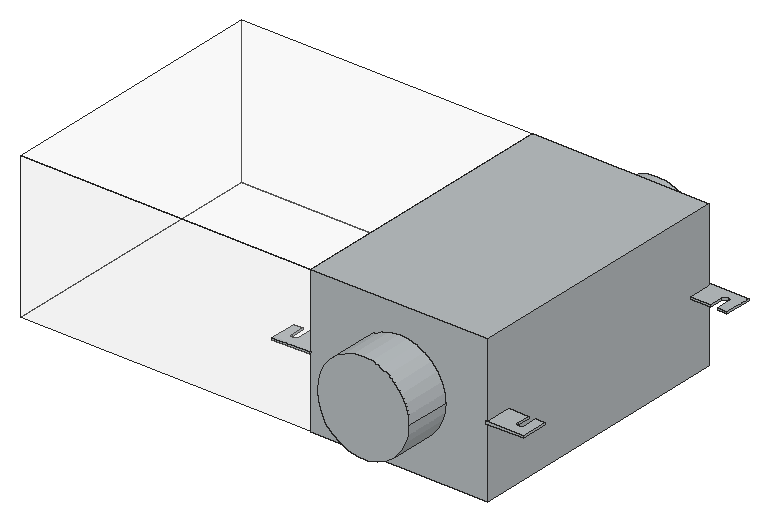
Revit family "6_天吊埋込タイプ 消音形 単相100V_3相200V", category 機械設備, Revit 2019
Family settings
  丸型コネクタ寸法 = 直径を使用
  パーツ タイプ = 割り込み
  OmniClass 番号 = 23.75.35.17.27
  OmniClass タイトル = Centrifugal Fans
  作業面ベース = いいえ
  常に垂直 = はい
  ロード時にボイドで切り取り = いいえ
  共有 = いいえ
  部屋計算ポイント = はい
Parameters (values of type "BFS-30SUG")
  騒音レベル(dB(A))_吸込 = 25.5
  騒音レベル(dB(A))_吐出 = 40
  騒音レベル(dB(A))_側面 = 18.5
  騒音レベル(dB(A)) = 40
  風量 [instance] = 設計風量  # 0.0 m³/h
  電源種別 [instance] = "一般"
  電圧 = 100 V
  電動機出力 = 16 W
  電動機_種別 [instance] = ""
  運転質量 = 0.00 kg
  連動 [instance] = ""
  質量 = if(製品質量 > 運転質量, 製品質量, 運転質量) * 1.2  # 9.00 kg
  負荷分類 = 3_ファン類
  説明 = "ストレートシロッコファン天吊埋込タイプ（消音形）"
  設計風量 [instance] = 0.0 m³/h
  設置方法 = "天吊"
  記号 [instance] = ""
  製造元 = "三菱電機株式会社"
  製品質量 = 7.50 kg
  製品出荷対象 = "国内"
  製品リリース年月 = "2018年4月23日"
  製品グループ = ""
  系統 [instance] = ""
  符号 [instance] = if(☑給気／□排気, "FS", "FE")  # "FE"
  積算_科目 = "2 換気設備"
  積算_拾い区分 [instance] = ""
  相 = 1
  盤記号 [instance] = ""
  盤工事区分 = "電気工事"
  発停方法 [instance] = "別売スイッチ"
  番手 = "#1"
  特殊仕様 [instance] = ""
  火災停止 = ""
  消費電力 = 38 W
  法定耐用年数 = "15"
  機外静圧 [instance] = 0.0 Pa
  極数 = 2
  極 = 4
  材質 [instance] = ""
  本体マテリアル = 溶融亜鉛めっき鋼板
  操作・制御方式 = ""
  操作・制御スイッチ = ""
  排気量 [instance] = if(☑給気／□排気, 0.0 m³/h, 設計風量)  # 0.0 m³/h
  形式 = ""
  形名 = BFS-SUG : BFS-30SUG
  幹線記号 [instance] = ""
  対象室 [instance] = ""
  実風量 = 0.0 m³/h
  始動方式 [instance] = "直入"
  外気量 [instance] = if(☑給気／□排気, 設計風量, 0.0 m³/h)  # 0.0 m³/h
  呼称 = "消音ボックス付送風機"
  周波数 = 50 Hz
  天吊金具ピッチ幅 = 349 mm
  天吊金具ピッチ奥行 = 393 mm
  参照している仕様書等のバージョン = "公共建築工事標準仕様書（機械設備工事編）平成31年度版"
  分類コード = "50052502100020"
  分類グループ = ""
  価格 = 60500
  企業コード = "108420"
  付属品_防振装置 = ""
  付属品 [instance] = ""
  仕様書バージョン = "Version1.0"
  モデル = "BFS-30SUG"
  ファンの種類 = "多翼形"
  ダクト径 = 150 mm
  サービススペース = yes
  コメント [instance] = ""
  Keynote = ""
  ☑給気／□排気 [instance] = no
  Width = 273 mm
  Version = ""
  Uniclass2015Version = "Systems v1.9"
  Uniclass2015Title = "Centrifugal fans"
  Uniclass2015Code = "Pr_65_67_29_12"
  URL = "https://www.mitsubishielectric.co.jp/ldg/wink/ssl/displayProduct.do?pid=292984"
  SpecificationReference = ""
  SpecificationDescription = ""
  Revision = ""
  ProductInformation = ""
  OmniClassCode = "23-33 31 19 13 15"
  MIN風量 = 204.0 m³/h
  MIN静圧 = 18.0 Pa
  MID風量 = 0.0 m³/h
  MID静圧 = 0.0 Pa
  MAX風量 = 300.0 m³/h
  MAX静圧 = 39.0 Pa
  M = 70 mm
  IfcTypeProduct = ""
  IfcProduct = ""
  IfcExportType = "CENTRIFUGALFORWARDCURVED"
  IfcExportAs = "IfcFanType"
  Height = 225 mm
  Depth = 428 mm
  Clearance Top = 0 mm  # constant formula
  Clearance Right = 0 mm  # constant formula
  Clearance Left = 450 mm  # constant formula
  Clearance Front = 0 mm  # constant formula
  Clearance Bottom = 0 mm  # constant formula
  Clearance Back = 0 mm  # constant formula
  Author = "三菱電機株式会社"
Types (18, lengths in mm): name | 騒音レベル(dB(A))_吸込 | 騒音レベル(dB(A))_吐出 | 騒音レベル(dB(A))_側面 | 騒音レベル(dB(A)) | 電圧 | 電動機出力 | 質量 | 製品質量 | 製品リリース年月 | 相 | 番手 | 消費電力 | 極数 | 形名 | 天吊金具ピッチ幅 | 天吊金具ピッチ奥行 | 価格 | モデル | ダクト径 | Width | URL | MIN風量 | MIN静圧 | MAX風量 | MAX静圧 | M | Height | Depth
  BFS-15SUG | 20.5 | 32 | 17.5 | 32 | 100 V | 8 W | 8.40 kg | 7.00 kg | "2018年4月23日" | 1 | "#1" | 20.5 W | 2 | BFS-SUG : BFS-15SUG | 349 | 325 | 43500 | "BFS-15SUG" | 100 | 273 | "https://www.mitsubishielectric.co.jp/ldg/wink/ssl/displayProduct.do?pid=292978" | 110.0 m³/h | 20.0 Pa | 150.0 m³/h | 39.0 Pa | 60 | 225 | 360
  BFS-30SUG | 25.5 | 40 | 18.5 | 40 | 100 V | 16 W | 9.00 kg | 7.50 kg | "2018年4月23日" | 1 | "#1" | 38 W | 2 | BFS-SUG : BFS-30SUG | 349 | 393 | 60500 | "BFS-30SUG" | 150 | 273 | "https://www.mitsubishielectric.co.jp/ldg/wink/ssl/displayProduct.do?pid=292984" | 204.0 m³/h | 18.0 Pa | 300.0 m³/h | 39.0 Pa | 70 | 225 | 428
  BFS-40SUG | 26 | 43 | 19.5 | 43 | 100 V | 25 W | 11.40 kg | 9.50 kg | "2018年4月23日" | 1 | "#1 1/4" | 57 W | 2 | BFS-SUG : BFS-40SUG | 381 | 419 | 72400 | "BFS-40SUG" | 150 | 305 | "https://www.mitsubishielectric.co.jp/ldg/wink/ssl/displayProduct.do?pid=292986" | 289.0 m³/h | 31.0 Pa | 400.0 m³/h | 59.0 Pa | 70 | 255 | 454
  BFS-50SUG | 28.5 | 48 | 21.5 | 48 | 100 V | 45 W | 15.60 kg | 13.00 kg | "2018年4月23日" | 1 | "#1 1/4" | 74.5 W | 2 | BFS-SUG : BFS-50SUG | 451 | 538 | 10200 | "BFS-50SUG" | 200 | 375 | "https://www.mitsubishielectric.co.jp/ldg/wink/ssl/displayProduct.do?pid=292988" | 425.0 m³/h | 80.0 Pa | 500.0 m³/h | 110.0 Pa | 85 | 255 | 573
  BFS-65SUG | 28 | 51 | 23 | 51 | 100 V | 65 W | 19.20 kg | 16.00 kg | "2018年4月23日" | 1 | "#1 1/4" | 106 W | 2 | BFS-SUG : BFS-65SUG | 499 | 603 | 107000 | "BFS-65SUG" | 200 | 423 | "https://www.mitsubishielectric.co.jp/ldg/wink/ssl/displayProduct.do?pid=292990" | 534.0 m³/h | 79.0 Pa | 650.0 m³/h | 118.0 Pa | 85 | 305 | 638
  BFS-80SUG | 30.5 | 52 | 25 | 52 | 100 V | 80 W | 19.80 kg | 16.50 kg | "2018年4月23日" | 1 | "#1 1/4" | 136 W | 2 | BFS-SUG : BFS-80SUG | 499 | 603 | 114000 | "BFS-80SUG" | 200 | 423 | "https://www.mitsubishielectric.co.jp/ldg/wink/ssl/displayProduct.do?pid=292992" | 638.0 m³/h | 70.0 Pa | 800.0 m³/h | 108.0 Pa | 85 | 305 | 638
  BFS-90SUG | 33 | 55 | 27 | 55 | 100 V | 110 W | 22.20 kg | 18.50 kg | "2018年4月23日" | 1 | "#1 1/2" | 161 W | 2 | BFS-SUG : BFS-90SUG | 519 | 603 | 119000 | "BFS-90SUG" | 200 | 443 | "https://www.mitsubishielectric.co.jp/ldg/wink/ssl/displayProduct.do?pid=292996" | 745.0 m³/h | 94.0 Pa | 900.0 m³/h | 137.0 Pa | 85 | 305 | 638
  BFS-100SUG | 36 | 57 | 28.5 | 57 | 100 V | 160 W | 22.80 kg | 19.00 kg | "2018年4月23日" | 1 | "#1 1/2" | 198 W | 2 | BFS-SUG : BFS-100SUG | 519 | 603 | 128000 | "BFS-100SUG" | 200 | 443 | "https://www.mitsubishielectric.co.jp/ldg/wink/ssl/displayProduct.do?pid=292966" | 925.0 m³/h | 135.0 Pa | 1000.0 m³/h | 157.0 Pa | 85 | 305 | 638
  BFS-120SUG | 40 | 58 | 31 | 58 | 100 V | 200 W | 26.40 kg | 22.00 kg | "2018年4月23日" | 1 | "#1 1/2" | 272 W | 2 | BFS-SUG : BFS-120SUG | 531 | 633 | 140800 | "BFS-120SUG" | 250 | 455 | "https://www.mitsubishielectric.co.jp/ldg/wink/ssl/displayProduct.do?pid=292970" | 1065.0 m³/h | 166.0 Pa | 1200.0 m³/h | 210.0 Pa | 85 | 350 | 668
  BFS-150SUG | 41.5 | 61.5 | 32.5 | 61.5 | 100 V | 340 W | 28.80 kg | 24.00 kg | "2018年4月23日" | 1 | "#1 1/2" | 368 W | 2 | BFS-SUG : BFS-150SUG | 531 | 733 | 146300 | "BFS-150SUG" | 250 | 455 | "https://www.mitsubishielectric.co.jp/ldg/wink/ssl/displayProduct.do?pid=292974" | 1300.0 m³/h | 150.0 Pa | 1500.0 m³/h | 200.0 Pa | 85 | 350 | 768
  BFS-80TUG | 31.5 | 52 | 25 | 52 | 200 V | 80 W | 21.60 kg | 18.00 kg | "2018年4月23日" | 3 | "#1 1/4" | 122 W | 3 | BFS-TUG : BFS-80TUG | 499 | 603 | 114000 | "BFS-80TUG" | 200 | 423 | "https://www.mitsubishielectric.co.jp/ldg/wink/ssl/displayProduct.do?pid=292994" | 601.0 m³/h | 61.0 Pa | 800.0 m³/h | 108.0 Pa | 85 | 305 | 638
  BFS-90TUG | 33.5 | 55 | 27.5 | 55 | 200 V | 100 W | 21.60 kg | 18.00 kg | "2018年4月23日" | 3 | "#1 1/2" | 152 W | 3 | BFS-TUG : BFS-90TUG | 519 | 603 | 119000 | "BFS-90TUG" | 200 | 443 | "https://www.mitsubishielectric.co.jp/ldg/wink/ssl/displayProduct.do?pid=292980" | 688.0 m³/h | 80.0 Pa | 900.0 m³/h | 137.0 Pa | 85 | 305 | 638
  BFS-100TUG | 36 | 57 | 28.5 | 57 | 200 V | 150 W | 22.20 kg | 18.50 kg | "2018年4月23日" | 3 | "#1 1/2" | 181 W | 3 | BFS-TUG : BFS-100TUG | 519 | 603 | 128000 | "BFS-100TUG" | 200 | 443 | "https://www.mitsubishielectric.co.jp/ldg/wink/ssl/displayProduct.do?pid=292968" | 810.0 m³/h | 103.0 Pa | 1000.0 m³/h | 157.0 Pa | 85 | 305 | 638
  BFS-120TUG | 40 | 58 | 31 | 58 | 200 V | 180 W | 26.40 kg | 22.00 kg | "2018年4月23日" | 3 | "#1 1/2" | 255 W | 3 | BFS-TUG : BFS-120TUG | 531 | 633 | 140800 | "BFS-120TUG" | 250 | 455 | "https://www.mitsubishielectric.co.jp/ldg/wink/ssl/displayProduct.do?pid=292972" | 895.0 m³/h | 119.0 Pa | 1200.0 m³/h | 210.0 Pa | 85 | 350 | 668
  BFS-150TUG | 41.5 | 61.5 | 32.5 | 61.5 | 200 V | 280 W | 28.80 kg | 24.00 kg | "2018年4月23日" | 3 | "#1 1/2" | 372 W | 3 | BFS-TUG : BFS-150TUG | 531 | 733 | 146300 | "BFS-150TUG" | 250 | 455 | "https://www.mitsubishielectric.co.jp/ldg/wink/ssl/displayProduct.do?pid=292976" | 1165.0 m³/h | 120.0 Pa | 1500.0 m³/h | 200.0 Pa | 85 | 350 | 768
  BFS-180TUG | 42.5 | 63.5 | 33 | 63.5 | 200 V | 350 W | 31.20 kg | 26.00 kg | "2018年4月23日" | 3 | "#1 1/2" | 425 W | 3 | BFS-TUG : BFS-180TUG | 581 | 733 | 171600 | "BFS-180TUG" | 250 | 505 | "https://www.mitsubishielectric.co.jp/ldg/wink/ssl/displayProduct.do?pid=292963" | 0.0 m³/h | 0.0 Pa | 1800.0 m³/h | 190.0 Pa | 85 | 350 | 768
  BFS-210TUG | 44.5 | 66 | 33.5 | 66 | 200 V | 490 W | 34.80 kg | 29.00 kg | "2018年4月23日" | 3 | "#1 1/2" | 540 W | 3 | BFS-TUG : BFS-210TUG | 627 | 843 | 225500 | "BFS-210TUG" | 300 | 551 | "https://www.mitsubishielectric.co.jp/ldg/wink/ssl/displayProduct.do?pid=292982" | 0.0 m³/h | 0.0 Pa | 2100.0 m³/h | 191.0 Pa | 100 | 350 | 878
  BFS-240TUA | 47 | 69 | 42 | 69 | 200 V | 1100 W | 44.40 kg | 37.00 kg | "2003年4月" | 3 | "#1 1/2" | 600 W | 3 | BFS-TUG : BFS-240TUA | 602 | 864 | 221000 | "BFS-240TUA" | 300 | 493 | "https://www.mitsubishielectric.co.jp/ldg/wink/ssl/displayProduct.do?pid=41988" | 0.0 m³/h | 0.0 Pa | 2400.0 m³/h | 180.0 Pa | 99 | 373 | 917
Reference planes
  plane 1 "中心(正面/背面)": y = 0
  plane 2: z = 0
  plane 3 "中心(左/右)": x = 0
  plane 4 "左": x = -136.5
  plane 5 "右": x = 136.5
  plane 6 "背面": y = 214
  plane 7 "正面": y = -214
  plane 8: z = 112.5
  plane 9: y = 196.5
  plane 10: y = -196.5
  plane 11: x = 174.5
  plane 12: x = -174.5
  plane 13: z = -112.5
  plane 14: y = 214
  plane 15: y = -214
  plane 16: x = 136.5
  plane 17: x = -586.5
  plane 18: z = 112.5
  plane 19: z = -112.5
Dimensions and locks
  "Width": plane 4 "左" to plane 5 "右"
  equal spacing: plane 7 "正面", plane 1 "中心(正面/背面)", plane 6 "背面"
  "Depth": plane 7 "正面" to plane 6 "背面"
  equal spacing: plane 8, level, plane 13
  "Height": plane 8 to plane 13
  equal spacing: plane 10, plane 1 "中心(正面/背面)", plane 9
  "天吊金具ピッチ奥行": plane 10 to plane 9
  "天吊金具ピッチ幅": plane 12 to plane 11
  "Clearance Front": plane 15 to plane 7 "正面"
  "Clearance Back": plane 6 "背面" to plane 14
  "Clearance Left": plane 17 to plane 4 "左"
  "Clearance Right": plane 5 "右" to plane 16
  "Clearance Top": plane 18 to plane 8
  "Clearance Bottom": plane 13 to plane 19
  equal spacing: plane 4 "左", plane 3 "中心(左/右)", plane 5 "右"
  equal spacing: plane 12, plane 3 "中心(左/右)", plane 11
  aligned and locked: level to plane 2
  aligned and locked: nested 1 to plane 9
  aligned and locked: plane 10 to nested 1
  aligned and locked: plane 12 to nested 1
  aligned and locked: plane 11 to nested 1
  aligned and locked: plane 8 to nested 2
  aligned and locked: plane 17 to nested 3
  aligned and locked: plane 15 to nested 3
  aligned and locked: plane 18 to nested 3
  aligned and locked: plane 19 to nested 3
  aligned and locked: plane 1 "中心(正面/背面)" to nested 2
  aligned and locked: nested 2 to plane 3 "中心(左/右)"
  aligned and locked: plane 14 to nested 3
  aligned and locked: plane 4 "左" to nested 3
Nested families
  nested 1: "固定点" at (-174.5, -196.5, 0), type "固定点"
    with W 349 mm, D 393 mm
  nested 2: "BFS-SUG" at (0, 0, -112.5) x (0, -1, 0) z (0, 0, 1), type <- "形名", type "BFS-30SUG"
  nested 3: "サービススペース" at (-361.5, 0, 0), visible <- "サービススペース", type "サービススペース"
    with Width 450 mm, Height 225 mm, Depth 428 mm
Connectors
  hvac at (0, 284, 0), driven by "ダクト径", driven by "機外静圧", driven by "風量"
    settings: on nested 2, index 2, duct flow 0.0 m³/h, flow factor 0, pres drop 0.0 Pa, loss coef 0, conn angle 0.00°, conn width 304.8 mm, conn height 304.8 mm, conn diameter 150 mm, duct sys type 29, conn prof type 0, flow config 0, flow direction 1, loss method 4, conn ref index -1, conn util no, is conn primary yes, conn desc ""
  hvac at (0, -284, 0), driven by "ダクト径", driven by "機外静圧", driven by "風量"
    settings: on nested 2, index 4, duct flow 0.0 m³/h, flow factor 0, pres drop 0.0 Pa, loss coef 0, conn angle 0.00°, conn width 304.8 mm, conn height 304.8 mm, conn diameter 150 mm, duct sys type 29, conn prof type 0, flow config 0, flow direction 2, loss method 4, conn ref index -1, conn util no, is conn primary no, conn desc ""
  electrical at (-157.1, -94.35, -20.1), driven by "極数", driven by "負荷分類", driven by "電圧", driven by "消費電力"
    settings: on nested 2, index 5, voltage 100 V, apparent load 38 VA, apparent load phase1 0 VA, apparent load phase2 0 VA, apparent load phase3 0 VA, power factor 1, load classification "3_ファン類", number of poles 2, system type 30, power factor state 1, is connector primary yes, connector utility no, sub classification motor no, connector description ""
Definition of nested family "BFS-SUG"
  Parameters (values of type "BFS-15SUG")
    端子カバー高 = 99 mm  # constant formula
    端子カバー手前位置 = 53.9 mm
    端子カバー幅 = 20.6 mm
    端子カバー奥行 = 131.5 mm  # constant formula
    端子カバー上位置 = 83.1 mm
    マテリアル = none
    φ = 98 mm
    Φ = 110 mm
    kb_z = 25 mm
    b = 234 mm
    a = 60 mm
    W = 360 mm
    H = 225 mm
    c = 42 mm
    D = 273 mm
  Types (10, lengths in mm): name | 端子カバー手前位置 | 端子カバー幅 | 端子カバー上位置 | φ | Φ | kb_z | b | a | W | H | c | D
    BFS-15SUG | 53.9 | 20.6 | 83.1 | 98 | 110 | 25 | 234 | 60 | 360 | 225 | 42 | 273
    BFS-30SUG | 53.9 | 20.6 | 83.1 | 142 | 160 | 25 | 234 | 70 | 428 | 225 | 42 | 273
    BFS-40SUG | 62.3 | 20.6 | 106.7 | 142 | 160 | 25 | 264 | 70 | 454 | 255 | 51 | 305
    BFS-50SUG | 62.3 | 20.6 | 106.7 | 192 | 208 | 25 | 264 | 85 | 573 | 255 | 51 | 375
    BFS-65SUG | 63.9 | 20.6 | 139.9 | 192 | 208 | 50 | 391 | 85 | 638 | 305 | 52 | 423
    BFS-80SUG | 63.9 | 20.6 | 139.9 | 192 | 208 | 50 | 391 | 85 | 638 | 305 | 52 | 423
    BFS-90SUG | 63.9 | 26 | 139.9 | 192 | 208 | 50 | 391 | 85 | 638 | 305 | 52 | 443
    BFS-100SUG | 63.9 | 26 | 139.9 | 192 | 208 | 50 | 391 | 85 | 638 | 305 | 52 | 443
    BFS-120SUG | 81.3 | 20.6 | 55 | 242 | 258 | 150 | 391 | 85 | 668 | 350 | 70 | 455
    BFS-150SUG | 81.3 | 20.6 | 54.9 | 242 | 258 | 150 | 391 | 85 | 768 | 350 | 70 | 455
  Reference planes
    plane 1 "中心(正面/背面)": y = 0
    plane 2: z = 0
    plane 3 "中心(左/右)": x = 0
    plane 4: y = 136.5
    plane 5: y = 174.5
    plane 6: y = 194.5
    plane 7: y = -136.5
    plane 8: y = -174.5
    plane 9: y = -194.5
    plane 10: x = -180
    plane 11: x = -162.5
    plane 12: x = -183
    plane 13: x = 180
    plane 14: x = 162.5
    plane 15: x = 183
    plane 16: z = 225
    plane 17: z = 600
    plane 18: z = 900
    plane 19: z = 1200
    plane 20: x = -107.9
    plane 21: x = 126.1
    plane 22: x = 240
    plane 23: x = -240
    plane 24: z = 112.5
    plane 25: z = 109.5
    plane 26: z = 71.5
    plane 27: x = -142
    plane 28: z = 94.5
    plane 29: x = 142
    plane 30: y = 139.5
    plane 31: x = -5.4
    plane 32: z = 141.9
    plane 33: z = 42.9
    plane 34: y = -157.1
  Forms (mm)
    Extrusion 1, solid, material <- "マテリアル", detail levels fine
      sketch origin (0, 0, 0) x (1, 0, 0) y (0, 1, 0)
        loop
          line (-180, 136.5) -> (-180, -136.5) -> (180, -136.5) -> (180, 136.5) -> (-180, 136.5)
      from 0 to 225
    Extrusion 2, solid, material <- "マテリアル", detail levels fine
      sketch origin (0, 0, 0) x (1, 0, 0) y (0, 1, 0)
        loop
          line (-183, -136.5) -> (-183, -194.5) -> (-142, -194.5) -> (-142, -180) -> (-162.5, -180)
          arc (-162.5, -180) -> (-168, -174.5) -> (-162.5, -169) r 5.5
          line (-162.5, -169) -> (-142, -169) -> (-142, -136.5) -> (-183, -136.5)
      from 109.5 to 112.5
    Extrusion 3, solid, material <- "マテリアル", detail levels fine
      sketch origin (0, 0, 0) x (1, 0, 0) y (0, 1, 0)
        loop
          line (-183, 136.5) -> (-142, 136.5) -> (-142, 169) -> (-162.5, 169)
          arc (-162.5, 169) -> (-168, 174.5) -> (-162.5, 180) r 5.5
          line (-162.5, 180) -> (-142, 180) -> (-142, 194.5) -> (-183, 194.5) -> (-183, 136.5)
      from 109.5 to 112.5
    Extrusion 4, solid, material <- "マテリアル", detail levels fine
      sketch origin (0, 0, 0) x (-1, 0, 0) y (0, -1, 0)
        loop
          line (-183, -136.5) -> (-183, -194.5) -> (-142, -194.5) -> (-142, -180) -> (-162.5, -180)
          arc (-162.5, -180) -> (-168, -174.5) -> (-162.5, -169) r 5.5
          line (-162.5, -169) -> (-142, -169) -> (-142, -136.5) -> (-183, -136.5)
      from 109.5 to 112.5
    Extrusion 5, solid, material <- "マテリアル", detail levels fine
      sketch origin (0, 0, 0) x (-1, 0, 0) y (0, -1, 0)
        loop
          line (-183, 136.5) -> (-142, 136.5) -> (-142, 169) -> (-162.5, 169)
          arc (-162.5, 169) -> (-168, 174.5) -> (-162.5, 180) r 5.5
          line (-162.5, 180) -> (-142, 180) -> (-142, 194.5) -> (-183, 194.5) -> (-183, 136.5)
      from 109.5 to 112.5
    Extrusion 6, solid, material <- "マテリアル", detail levels fine
      sketch origin (0, 0, 0) x (0, 1, 0) y (0, 0, 1)
        loop
          circle (0, 112.5) r 49
      from -180 to -240
    Extrusion 7, solid, material <- "マテリアル", detail levels fine
      sketch origin (0, 0, 0) x (0, 1, 0) y (0, 0, -1)
        loop
          circle (0, -112.5) r 49
      from -180 to -240
    Extrusion 8, solid, material <- "マテリアル", detail levels fine
      sketch origin (0, 0, 0) x (1, 0, 0) y (0, 0, 1)
        loop
          line (126.1, 141.9) -> (-5.4, 141.9) -> (-5.4, 42.9) -> (126.1, 42.9) -> (126.1, 141.9)
      from 136.5 to 157.1
  Dimensions and locks
    plane 12 to plane 15 = 366 mm
    plane 11 to plane 14 = 325 mm
    "W": plane 10 to plane 13
    plane 9 to plane 6 = 389 mm
    plane 8 to plane 5 = 349 mm
    "D": plane 7 to plane 4
    equal spacing: plane 7, plane 1 "中心(正面/背面)", plane 4
    equal spacing: plane 10, plane 3 "中心(左/右)", plane 13
    "H": plane 16 to level
    locked: plane 4 to plane 5 at 38
    locked: plane 5 to plane 6 at 20
    locked: plane 8 to plane 7 at 38
    locked: plane 9 to plane 8 at 20
    locked: plane 10 to plane 11 at 17.5
    locked: plane 14 to plane 13 at 17.5
    locked: plane 13 to plane 15 at 3
    locked: plane 12 to plane 10 at 3
    equal spacing: plane 16, plane 24, level
    locked: plane 24 to plane 25 at 3
    locked: plane 24 to plane 26 at 41
    locked: plane 12 to plane 27 at 41
    locked: plane 25 to plane 28 at 15
    locked: plane 29 to plane 15 at 41
    locked: plane 30 to plane 4 at 3
    "a": plane 23 to plane 10
    "a": plane 13 to plane 22
    "端子カバー手前位置": plane 13 to plane 21
    "b": plane 21 to plane 20
    "端子カバー高": plane 32 to plane 33
    "端子カバー幅": plane 34 to plane 7
    "端子カバー上位置": plane 16 to plane 32
    "端子カバー奥行": plane 21 to plane 31
    "φ": diameter of Extrusion 6 sketch curve
    "φ": diameter of Extrusion 7 sketch curve
    aligned and locked: level to plane 2
    aligned and locked: plane 4 to Extrusion 1 sketch curve
    aligned and locked: plane 10 to Extrusion 1 sketch curve
    aligned and locked: Extrusion 1 sketch curve to plane 7
    aligned and locked: Extrusion 1 sketch curve to plane 13
    aligned and locked: plane 16 to Extrusion 1
    aligned and locked: plane 7 to Extrusion 2 sketch curve
    aligned and locked: plane 12 to Extrusion 2 sketch curve
    aligned and locked: Extrusion 2 sketch curve to plane 9
    aligned and locked: Extrusion 2 sketch curve to plane 27  (x2)
    aligned and locked: plane 11 to Extrusion 2 sketch curve
    aligned and locked: plane 8 to Extrusion 2 sketch curve
    aligned and locked: plane 24 to Extrusion 2
    aligned and locked: Extrusion 2 to plane 25
    aligned and locked: plane 27 to Extrusion 3 sketch curve  (x2)
    aligned and locked: plane 5 to Extrusion 3 sketch curve
    aligned and locked: plane 11 to Extrusion 3 sketch curve
    aligned and locked: Extrusion 3 sketch curve to plane 6
    aligned and locked: Extrusion 3 sketch curve to plane 12
    aligned and locked: plane 4 to Extrusion 3 sketch curve
    aligned and locked: plane 24 to Extrusion 3
    aligned and locked: Extrusion 3 to plane 25
    aligned and locked: Extrusion 4 to plane 6
    aligned and locked: plane 15 to Extrusion 4
    aligned and locked: Extrusion 4 to plane 29
    aligned and locked: plane 29 to Extrusion 4 sketch curve  (x2)
    aligned and locked: plane 6 to Extrusion 4 sketch curve
    aligned and locked: Extrusion 4 sketch curve to plane 15
    aligned and locked: plane 5 to Extrusion 4 sketch curve
    aligned and locked: plane 14 to Extrusion 4 sketch curve
    aligned and locked: Extrusion 4 sketch curve to plane 4
    aligned and locked: Extrusion 4 to plane 25
    aligned and locked: plane 24 to Extrusion 4
    aligned and locked: plane 9 to Extrusion 5 sketch curve
    aligned and locked: plane 15 to Extrusion 5 sketch curve
    aligned and locked: Extrusion 5 sketch curve to plane 7
    aligned and locked: Extrusion 5 sketch curve to plane 29  (x2)
    aligned and locked: plane 14 to Extrusion 5 sketch curve
    aligned and locked: plane 8 to Extrusion 5 sketch curve
    aligned and locked: Extrusion 5 to plane 25
    aligned and locked: plane 24 to Extrusion 5
    aligned and locked: plane 1 "中心(正面/背面)" to Extrusion 6 sketch curve
    aligned and locked: plane 24 to Extrusion 6 sketch curve
    aligned and locked: Extrusion 6 to plane 23
    aligned and locked: plane 24 to Extrusion 7 sketch curve
    aligned and locked: plane 1 "中心(正面/背面)" to Extrusion 7 sketch curve
    aligned and locked: plane 22 to Extrusion 7
    aligned and locked: plane 32 to Extrusion 8 sketch curve
    aligned and locked: plane 21 to Extrusion 8 sketch curve
    aligned and locked: Extrusion 8 sketch curve to plane 33
    aligned and locked: Extrusion 8 sketch curve to plane 31
    aligned and locked: Extrusion 8 to plane 7
    aligned and locked: plane 10 to Extrusion 6
    aligned and locked: Extrusion 7 to plane 13
    aligned and locked: plane 34 to Extrusion 8
  Automatic sketch dimensions
    Extrusion 2 sketch curve to plane 11 = 0 mm
    plane 8 to Extrusion 2 sketch curve = 5.5 mm
    Extrusion 3 sketch curve to plane 11 = 0 mm
    plane 5 to Extrusion 3 sketch curve = 5.5 mm
    Extrusion 4 sketch curve to plane 14 = 0 mm
    Extrusion 4 sketch curve to plane 5 = 5.5 mm
    Extrusion 5 sketch curve to plane 14 = 0 mm
    Extrusion 5 sketch curve to plane 8 = 5.5 mm
Definition of nested family "サービススペース"
  Parameters (values of type "サービススペース")
    Width [instance] = 500 mm
    Height [instance] = 500 mm
    Depth [instance] = 500 mm
  Reference planes
    plane 1 "中心(正面/背面)": y = 0
    plane 2: z = 0
    plane 3 "中心(左/右)": x = 0
    plane 4: y = -250
    plane 5: x = 250
    plane 6: y = 250
    plane 7: x = -250
    plane 8: z = 250
    plane 9: z = -250
  Forms (mm)
    Extrusion 1, solid
      sketch origin (-638.939, 0, 72.39) x (1, 0, 0) y (0, 1, 0)
        loop
          line (388.939, 250) -> (388.939, -250) -> (888.939, -250) -> (888.939, 250) -> (388.939, 250)
      from -322.39 to 177.61
  Lines and regions (mm)
    symbolic lines
      curve 1: line (-250, 0, 250) -> (250, 0, 250)
      curve 2: line (-250, 0, -250) -> (-250, 0, 250)
      curve 3: line (250, 0, -250) -> (-250, 0, -250)
      curve 4: line (250, 0, 250) -> (250, 0, -250)
      curve 5: line (0, -250, 250) -> (0, 250, 250)
      curve 6: line (0, -250, -250) -> (0, -250, 250)
      curve 7: line (0, 250, -250) -> (0, -250, -250)
      curve 8: line (0, 250, 250) -> (0, 250, -250)
      curve 9: line (-250, 250, 0) -> (250, 250, 0)
      curve 10: line (-250, -250, 0) -> (-250, 250, 0)
      curve 11: line (250, -250, 0) -> (-250, -250, 0)
      curve 12: line (250, 250, 0) -> (250, -250, 0)
  Dimensions and locks
    equal spacing: plane 7, plane 3 "中心(左/右)", plane 5
    equal spacing: plane 4, plane 1 "中心(正面/背面)", plane 6
    "Depth": plane 4 to plane 6
    "Width": plane 7 to plane 5
    equal spacing: plane 8, plane 2, plane 9
    "Height": plane 8 to plane 9
    aligned and locked: plane 9 to curve 3
    aligned and locked: plane 7 to curve 2
    aligned and locked: curve 4 to plane 5
    aligned and locked: plane 5 to Extrusion 1
    aligned and locked: Extrusion 1 to plane 7
    aligned and locked: Extrusion 1 to plane 9
    aligned and locked: plane 8 to Extrusion 1
    aligned and locked: plane 9 to curve 7
  Automatic sketch dimensions
    plane 4 to Extrusion 1 sketch curve = 0 mm
    Extrusion 1 sketch curve to plane 7 = 0 mm
    Extrusion 1 sketch curve to plane 5 = 0 mm
    plane 6 to Extrusion 1 sketch curve = 0 mm
    curve 2 to plane 8 = 0 mm
    plane 4 to curve 11 = 0 mm
    curve 11 to plane 7 = 0 mm
    curve 11 to plane 5 = 0 mm
    plane 6 to curve 10 = 0 mm
    curve 7 to plane 4 = 0 mm
    curve 7 to plane 6 = 0 mm
    curve 6 to plane 8 = 0 mm
Definition of nested family "固定点"
  Parameters (values of type "固定点")
    中心円 = 11 mm
    W [instance] = 1000 mm
    D [instance] = 1000 mm
  Reference planes
    plane 1 "中心(正面/背面)": y = 0
    plane 2: z = 0
    plane 3 "中心(左/右)": x = 0
    plane 4: x = 1000
    plane 5: y = 1000
  Lines and regions (mm)
    symbolic lines, detail levels fine
      curve 1: circle (0, 1000, 0) r 5.5 normal (0, 0, 1)
      curve 2: circle (0, 0, 0) r 5.5 normal (0, 0, 1)
      curve 3: circle (1000, 1000, 0) r 5.5 normal (0, 0, 1)
      curve 4: circle (1000, 0, 0) r 5.5 normal (0, 0, 1)
      curve 5: line (-200, 1000, 0) -> (1200, 1000, 0)
      curve 6: line (-200, 0, 0) -> (1200, 0, 0)
      curve 7: line (0, 1200, 0) -> (0, -200, 0)
      curve 8: line (1000, 1200, 0) -> (1000, -200, 0)
  Dimensions and locks
    "W": plane 3 "中心(左/右)" to plane 4
    "D": plane 1 "中心(正面/背面)" to plane 5
    "中心円": diameter of curve 1
    "中心円": diameter of curve 2
    "中心円": diameter of curve 3
    "中心円": diameter of curve 4
    aligned and locked: level to plane 2
    aligned and locked: plane 5 to curve 1
    aligned and locked: plane 3 "中心(左/右)" to curve 1
    aligned and locked: plane 3 "中心(左/右)" to curve 2
    aligned and locked: plane 1 "中心(正面/背面)" to curve 2
    aligned and locked: plane 4 to curve 3
    aligned and locked: plane 5 to curve 3
    aligned and locked: plane 1 "中心(正面/背面)" to curve 4
    aligned and locked: plane 4 to curve 4
    aligned and locked: plane 1 "中心(正面/背面)" to curve 6
    aligned and locked: curve 7 to plane 3 "中心(左/右)"
    aligned and locked: curve 8 to plane 4
  Automatic sketch dimensions
    curve 5 to plane 5 = 0 mm
    curve 6 to plane 3 "中心(左/右)" = 200 mm
    curve 5 to plane 3 "中心(左/右)" = 200 mm
    curve 4 to curve 6 = 200 mm
    curve 3 to curve 5 = 200 mm
    plane 1 "中心(正面/背面)" to curve 8 = 200 mm
    plane 1 "中心(正面/背面)" to curve 7 = 200 mm
    curve 3 to curve 8 = 200 mm
    curve 1 to curve 7 = 200 mm
